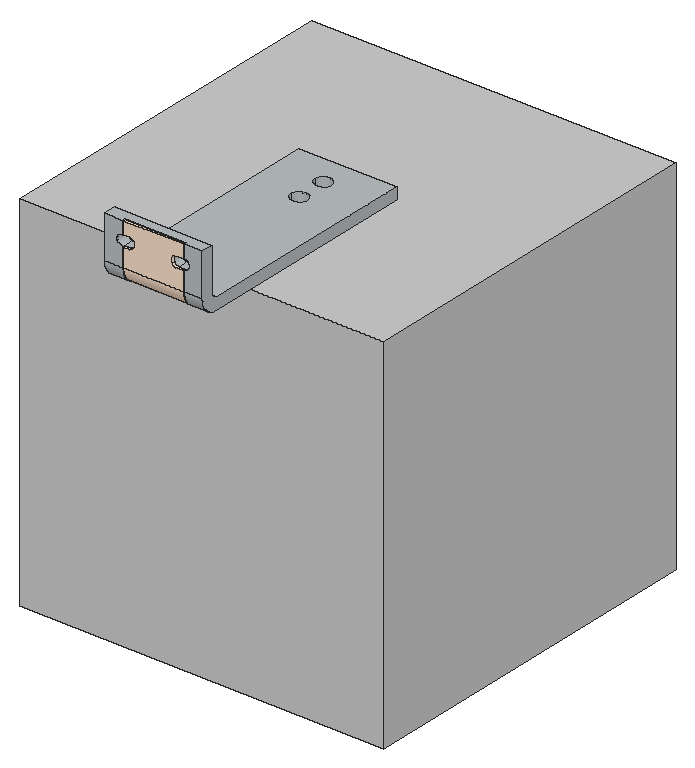
Revit family "REC-PAA2005010R", category Structural Connections, host Face, Revit 2024
Family settings
  Host = Face
  Material for Model Behavior = Steel
  Enable Cutting in Views = Yes
  Cut with Voids When Loaded = Yes
  Shared = No
Parameters (values of type "PAA2005010R")
  Visible = yes
  URL_Product_(Producto) = ""
  URL_DataSheet_(FichaTecnica) = ""
  URL_CE_Marking_(MarcadoCE) = ""
  Type IFC Predefined Type = "Brackets"
  Type Comments = ""
  URL = "https://recense.com/"
  Model = "PAA2005010R"
  Manufacturer = "RECENSE"
  Keynote_ESP = "Sistema de ménsula portante para paneles de hormigón GRC tipo STUD FRAME."
  Keynote = "Supporting bracket system for GRC concrete panels\r\nGRC concrete panels STUD FRAME type."
  IFCExportType = Classification.Uniclass.Pr.Description  # "Carbon steel anchor plates"
  IFCExportAs = "IfcElementAssembly"
  Fecha de Creacion: = "01/03/2024"
  Fecha Ultima Revision: = "01/03/2024"
  Export Type to IFC As = "IfcElementAssembly"
  Description_ESP = "Pletina angular antideslizante 200x50x80x10 mm 2 ranuras 15x9 mm."
  Description = "Non-slip angle plate 200x50x80x80x10 mm with 2 slotted holes 15x9 mm."
  Default Elevation = 0.0 mm
  Creado por: = "Deliprogal SL"
  Cost = 0
  Classification.Uniclass.Ss.Number = ""
  Classification.Uniclass.Ss.Description = ""
  Classification.Uniclass.Pr.Number = "Pr_20_29_03_10"
  Classification.Uniclass.Pr.Description = "Carbon steel anchor plates"
  Classification.Uniclass.EF.Number = ""
  Classification.Uniclass.EF.Description = ""
  Classification.Space.Number = ""
  Classification.Space.Description = ""
  Classification.Facility.Number = ""
  Classification.Facility.Description = ""
  Assembly Code = ""
Reference planes
  plane 1 "Center (Front/Back)": y = 0
  plane 2: z = 0
  plane 3 "Center (Left/Right)": x = 0
Forms (mm)
  Extrusion 1, solid, material "REC_Base"
    sketch origin (0, -719.2, 0) x (1, 0, 0) y (0, 1, 0)
      loop
        line (-150, 869.2) -> (-150, 569.2) -> (150, 569.2) -> (150, 869.2) -> (-150, 869.2)
    from 0 to -300
  Extrusion 2, void
    sketch origin (40, 407.651, -55) x (-1, 0, 0) y (0, -1, 0)
      loop
        circle (40, 432.676) r 6.975
      loop
        circle (40, 457.676) r 6.975
    from 55 to 65
  Extrusion 3, solid, material "REC_Acero, S 275JR (Zincado)"
    sketch origin (40, 447.676, 0) x (0, -1, 0) y (0, 0, 1)
      loop
        line (447.676, 10) -> (447.676, 0) -> (632.676, 0)
        arc (632.676, 0) -> (643.283, 4.393) -> (647.676, 15) r 15
        line (647.676, 15) -> (647.676, 50) -> (637.676, 50) -> (637.676, 15)
        arc (637.676, 15) -> (636.212, 11.464) -> (632.676, 10) r 5
        line (632.676, 10) -> (447.676, 10)
    from 0 to 80
  Extrusion 4, void
    sketch origin (59.543, 0, 0) x (0, 0, 1) y (-1, 0, 0)
      loop
        arc (39.5, 85.043) -> (35, 89.543) -> (30.5, 85.043) r 4.5
        line (30.5, 85.043) -> (30.5, 79.043)
        arc (30.5, 79.043) -> (35, 74.543) -> (39.5, 79.043) r 4.5
        line (39.5, 79.043) -> (39.5, 85.043)
      loop
        arc (30.5, 34.043) -> (35, 29.543) -> (39.5, 34.043) r 4.5
        line (39.5, 34.043) -> (39.5, 40.043)
        arc (39.5, 40.043) -> (35, 44.543) -> (30.5, 40.043) r 4.5
        line (30.5, 40.043) -> (30.5, 34.043)
    from 190 to 200
  Extrusion 5, void
    sketch origin (40, 0, 0) x (0, -1, 0) y (0, 0, 1)
      loop
        line (200, 15) -> (200, 50) -> (198, 50) -> (198, 15)
        arc (198, 15) -> (196.192, 8.386) -> (191.271, 3.612) r 13
        line (191.271, 3.612) -> (192.235, 1.86)
        arc (192.235, 1.86) -> (197.914, 7.369) -> (200, 15) r 15
    from 15 to 65
  Extrusion 6, solid, material "REC_Denteado"
    sketch origin (40, 0, 0) x (0, -1, 0) y (0, 0, 1)
      loop
        line (200, 50) -> (198, 50) -> (198, 15)
        arc (198, 15) -> (196.192, 8.386) -> (191.271, 3.612) r 13
        line (191.271, 3.612) -> (192.235, 1.86)
        arc (192.235, 1.86) -> (197.914, 7.369) -> (200, 15) r 15
        line (200, 15) -> (200, 50)
    from 15 to 65
Cuts and joins
  Extrusion 2, Extrusion 4, Extrusion 5 cuts Extrusion 3
  Extrusion 4 cuts Extrusion 6
Dimensions and locks
  aligned and locked: plane 2 to Extrusion 1
  aligned and locked: level to Extrusion 1
